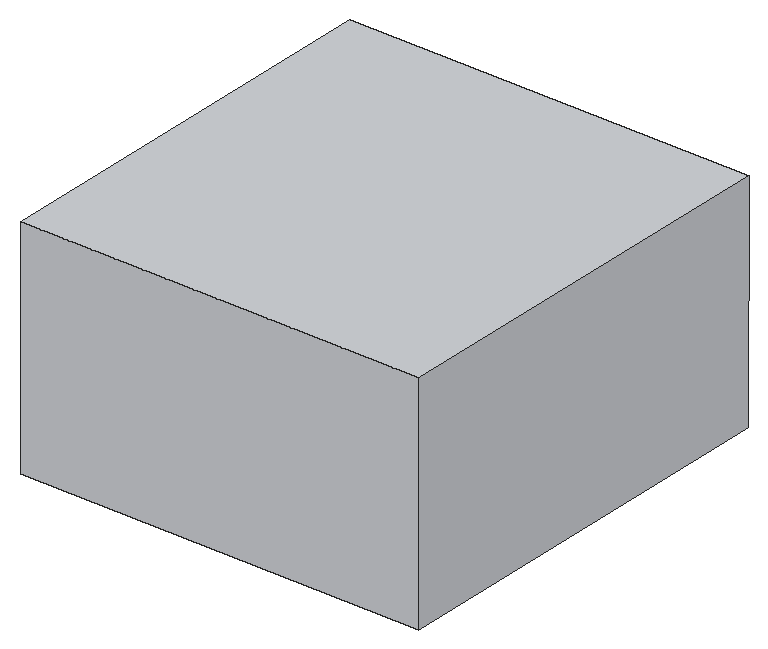
Revit family "M_Unidades AC da cobertura - 53-88 kW - Conexão de retorno inferior", category Equipamento mecânico, Revit 2019
Family settings
  Cota do conector redondo = Utilizar diâmetro
  Tipo de parte = Normal
  Número OmniClass = 23.75.10.24.21.27.14
  Título OmniClass = Packaged Rooftop Air Conditioning Units
  ID de item do Seek = Rooftop AC Unit - 53-88 kW - Bottom Return Connection-0000-CAN-ENU
  Com base no plano de trabalho = Não
  Sempre na vertical = Sim
  Corte com vazios quando carregada = Não
  Compartilhado = Não
  Ponto de cálculo do ambiente = Não
Parameters (values of type "88 kW")
  Voltagem [instance] = 460 V  # constant formula
  FornecimentoX = 508 mm
  LarguradaUnidade = 2120.9 mm
  AlturadaUnidade = 1200.2 mm
  ProfundidadedaUnidade = 2187.6 mm
  DeslocamentodoFornecimentoY = 274.6 mm
  DeslocamentodoFornecimentoX = 935 mm
  DeslocamentodoRetornoY = 150.8 mm
  DeslocamentodoRetornoX = 100 mm
  Símbolos de fornecimento/retorno [instance] = yes
  FormadaPart = "Duto retangular"
  Número de pólos [instance] = 3
  Fluxo mínimo = 7000
  Fluxo máximo = 11250
  FornecimentoY = 1727.2 mm
  RetornoX = 431.8 mm
  RetornoY = 1752.6 mm
  Model = ""
  Classificação de carga = Refrigeração
  Pressão estática externa [instance] = 298.61 Pa
  Assembly Code = ""
  Carga aparente [instance] = 28000 VA
  Fluxo de ar - Fornecimento [instance] = 4306.52 L/s
  Fluxo de ar - Retorno [instance] = 4306.52 L/s
Types (4, lengths in mm): name | AlturadaUnidade | Fluxo mínimo | Fluxo máximo | Pressão estática externa | Carga aparente | Fluxo de ar - Fornecimento | Fluxo de ar - Retorno
  53 kW | 1143 | 4500 | 7500 | 348.38 Pa | 18000 VA | 2831.68 L/s | 2831.68 L/s
  63 kW | 1143 | 5400 | 9000 | 99.54 Pa | 20000 VA | 3398.02 L/s | 3398.02 L/s
  88 kW | 1200.2 | 7000 | 11250 | 298.61 Pa | 28000 VA | 4306.52 L/s | 4306.52 L/s
  70 kW | 1200.2 | 6000 | 10000 | 447.91 Pa | 27000 VA | 3775.58 L/s | 3775.58 L/s
Reference planes
  plane 1 "Centro (Frente/Trás)": y = 0
  plane 2: z = 0
  plane 3 "Centro (Esquerda/Direita)": x = 0
Forms (mm)
  Extrusion 1, solid
    sketch origin (0, 0, 274.737) x (0, -1, 0) y (1, 0, 0)
      loop
        line (0, 0) -> (-2187.6, 0) -> (-2187.6, -2120.9) -> (0, -2120.9) -> (0, 0)
    from -274.737 to 925.463
  Extrusion 2, void
    sketch origin (0, 0, 274.737) x (0, -1, 0) y (1, 0, 0)
      loop
        line (-274.6, -935) -> (-2001.8, -935) -> (-2001.8, -1443) -> (-274.6, -1443) -> (-274.6, -935)
    from -274.737 to -249.337
  Extrusion 3, void
    sketch origin (0, 0, 274.737) x (0, -1, 0) y (1, 0, 0)
      loop
        line (-2036.8, -531.8) -> (-284.2, -531.8) -> (-284.2, -100) -> (-2036.8, -100) -> (-2036.8, -531.8)
    from -274.737 to -249.337
Cuts and joins
  Extrusion 2, Extrusion 3 cuts Extrusion 1
Lines and regions (mm)
  symbolic lines, visible <- "Símbolos de fornecimento/retorno"
    curve 1: line (-1443, 274.6, 274.737) -> (-1443, 2001.8, 274.737)
    curve 2: line (-1443, 2001.8, 274.737) -> (-935, 2001.8, 274.737)
    curve 3: line (-935, 2001.8, 274.737) -> (-935, 274.6, 274.737)
    curve 4: line (-935, 274.6, 274.737) -> (-1443, 274.6, 274.737)
    curve 5: line (-935, 2001.8, 274.737) -> (-1443, 274.6, 274.737)
    curve 6: line (-1443, 2001.8, 274.737) -> (-935, 274.6, 274.737)
    curve 7: line (-531.8, 284.2, 274.737) -> (-531.8, 2036.8, 274.737)
    curve 8: line (-531.8, 2036.8, 274.737) -> (-100, 2036.8, 274.737)
    curve 9: line (-100, 2036.8, 274.737) -> (-100, 284.2, 274.737)
    curve 10: line (-100, 284.2, 274.737) -> (-531.8, 284.2, 274.737)
    curve 11: line (-100, 2036.8, 274.737) -> (-531.8, 284.2, 274.737)
Dimensions and locks
  "LarguradaUnidade": Extrusion 1 sketch curve to plane 3 "Centro (Esquerda/Direita)"
  "ProfundidadedaUnidade": plane 1 "Centro (Frente/Trás)" to Extrusion 1 sketch curve
  "DeslocamentodoFornecimentoY": cut or joined group of Extrusion 1, Extrusion 2, Extrusion 3 to Extrusion 2 sketch curve
  "FornecimentoY": Extrusion 2 sketch curve to Extrusion 2 sketch curve
  "DeslocamentodoFornecimentoX": Extrusion 2 sketch curve to plane 3 "Centro (Esquerda/Direita)"
  "FornecimentoX": Extrusion 2 sketch curve to Extrusion 2 sketch curve
  Extrusion 2 to plane 2 = 25.4 mm
  "DeslocamentodoRetornoX": Extrusion 3 sketch curve to plane 3 "Centro (Esquerda/Direita)"
  "RetornoX": Extrusion 3 sketch curve to Extrusion 3 sketch curve
  "DeslocamentodoRetornoY": cut or joined group of Extrusion 1, Extrusion 2, Extrusion 3 to Extrusion 3 sketch curve
  "RetornoY": Extrusion 3 sketch curve to Extrusion 3 sketch curve
  Extrusion 3 to Extrusion 2 = 25.4 mm
  "AlturadaUnidade": cut or joined group of Extrusion 1, Extrusion 2, Extrusion 3 to cut or joined group of Extrusion 1, Extrusion 2, Extrusion 3
  aligned and locked: plane 3 "Centro (Esquerda/Direita)" to Extrusion 1 sketch curve
  aligned and locked: plane 1 "Centro (Frente/Trás)" to Extrusion 1 sketch curve
  aligned and locked: Extrusion 1 to level
  aligned and locked: Extrusion 2 to level
  aligned and locked: Extrusion 3 to level
  aligned and locked: curve 1 to cut or joined group of Extrusion 1, Extrusion 2, Extrusion 3
  aligned and locked: curve 2 to cut or joined group of Extrusion 1, Extrusion 2, Extrusion 3
  aligned and locked: curve 3 to cut or joined group of Extrusion 1, Extrusion 2, Extrusion 3
  aligned and locked: curve 4 to cut or joined group of Extrusion 1, Extrusion 2, Extrusion 3
  aligned and locked: curve 7 to cut or joined group of Extrusion 1, Extrusion 2, Extrusion 3
  aligned and locked: curve 8 to cut or joined group of Extrusion 1, Extrusion 2, Extrusion 3
  aligned and locked: curve 9 to cut or joined group of Extrusion 1, Extrusion 2, Extrusion 3
  aligned and locked: curve 10 to cut or joined group of Extrusion 1, Extrusion 2, Extrusion 3
Connectors
  hvac at (-1189, 1138.2, 25.4), driven by "FornecimentoY", driven by "FornecimentoX", driven by "Fluxo de ar - Fornecimento"
    settings: on cut or joined group of Extrusion 1, Extrusion 2, Extrusion 3, index 0, duct flow 4306.52 L/s, flow factor 0, pres drop 0.0 Pa, loss coef 0, conn angle 0.00°, conn width 508 mm, conn height 1727.2 mm, conn diameter 609.6 mm, duct sys type 1, conn prof type 1, flow config 0, flow direction 2, loss method 0, conn ref index 1, conn util no, is conn primary yes, conn desc ""
  hvac at (-315.9, 1160.5, 25.4), driven by "RetornoY", driven by "RetornoX", driven by "Fluxo de ar - Retorno"
    settings: on cut or joined group of Extrusion 1, Extrusion 2, Extrusion 3, index 1, duct flow 4306.52 L/s, flow factor 0, pres drop 0.0 Pa, loss coef 0, conn angle 0.00°, conn width 431.8 mm, conn height 1752.6 mm, conn diameter 609.6 mm, duct sys type 2, conn prof type 1, flow config 0, flow direction 1, loss method 0, conn ref index 0, conn util no, is conn primary no, conn desc ""
  electrical at (-1060.45, 2187.6, 600.1), driven by "Carga aparente", driven by "Voltagem", driven by "Número de pólos", driven by "Classificação de carga"
    settings: on cut or joined group of Extrusion 1, Extrusion 2, Extrusion 3, index 2, voltage 460 V, apparent load 28000 VA, apparent load phase1 0 VA, apparent load phase2 0 VA, apparent load phase3 0 VA, power factor 0.8, load classification "Refrigeração", number of poles 3, system type 30, power factor state 1, is connector primary yes, connector utility no, sub classification motor no, connector description ""
